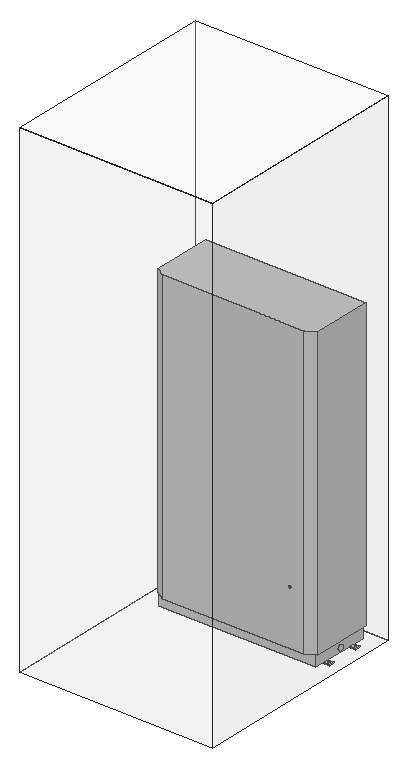
Revit family "pf-rp224_280ea5_50Hz", category 機械設備, Revit 2019
Family settings
  丸型コネクタ寸法 = 直径を使用
  パーツ タイプ = 標準
  OmniClass 番号 = 23.75.10.24.21.27.27
  OmniClass タイトル = Split System Air Conditioning Units
  作業面ベース = いいえ
  常に垂直 = はい
  ロード時にボイドで切り取り = いいえ
  共有 = いいえ
  部屋計算ポイント = いいえ
Parameters (values of type "PF-RP224EA5_50Hz")
  騒音レベル（静）(dB) = 65
  騒音レベル（強）(dB) = 68
  騒音レベル（弱）(dB) = 66
  騒音レベル（中）(dB) = 67
  風量（静）（m3／min） = 42
  風量（弱）（m3／min） = 46
  風量（中）（m3／min） = 49
  風量（m3／min） = 53
  風量 = MAX風量  # 3180.0 m³/h
  音響パワーレベル(dB) = 68
  電源種別 = ""
  電圧_電気ヒーター = 0 V
  電圧 = 200 V
  電動機出力_送風機 = 0.375 kW
  電動機出力_圧縮機 = 0 kW
  運転質量 = 0.00 kg
  連動 = ""
  質量 = if(製品質量 > 運転質量, 製品質量, 運転質量) * 1.2  # 120.00 kg
  負荷分類 = 3_ファン類
  説明 = "店舗・事務所用パッケージエアコン(Mr.SLIM) 床置形"
  設計暖房能力 [instance] = 0 kW
  設計冷房能力_顕熱 [instance] = 0 kW
  設計冷房能力 [instance] = 0 kW
  設置方法 = "床置形"
  記号 [instance] = ""
  製造元 = "三菱電機株式会社"
  製品質量 = 100.00 kg
  製品出荷対象 = "国内"
  製品リリース年月 = "2025/5/12"
  製品グループ = ""
  系統 [instance] = ""
  符号 = "PAC-FRV(J)"
  積算_科目 = "1 空気調和設備"
  積算_拾い区分 [instance] = ""
  相_電気ヒーター = 1
  相 = 1
  盤記号 [instance] = ""
  発停方法 = ""
  特殊仕様 [instance] = ""
  火災停止 = ""
  消費電力_電気ヒーター = 0 kW
  消費電力_暖房 = 0.3 kW
  消費電力_加湿器 = 0 kW
  消費電力_冷房 = 0.3 kW
  消費電力 = if(消費電力_冷房 > 消費電力_暖房, 消費電力_冷房, 消費電力_暖房) + 消費電力_加湿器 + 消費電力_電気ヒーター  # 0.3 kW
  法定耐用年数 = "15"
  機械基礎質量 [instance] = 0.00 kg
  機械基礎_W = 0 mm
  機械基礎_H = 0 mm
  機械基礎_D = 0 mm
  機械基礎 [instance] = no
  機外静圧 = 0.0 Pa
  極数 = 3
  材質 [instance] = ""
  本体マテリアル = none
  有効加湿量 = 0
  暖房能力 = 22.4 kW
  形式_加湿器 = ""
  形式 = "床置（露出）立形"
  幹線記号 [instance] = ""
  始動方式 = "直入"
  呼称 = "室内機_床置（露出）立形（直吹）"
  周波数 = 50 Hz
  台数_手元リモコン [instance] = ""
  台数_冷媒分岐ユニット [instance] = ""
  参照している仕様書等のバージョン = "公共建築工事標準仕様書（機械設備工事編）平成31年度版"
  加湿給水管径 = 0.00 mm
  分類コード = "50053003123100"
  分類グループ = ""
  冷房能力 = 20 kW
  冷媒高低圧ガス管径 = 0.00 mm
  冷媒管径符号 = "Bg"
  冷媒管径 = 100.00 mm
  冷媒液管径 = 9.52 mm
  冷媒ガス管径 = 25.40 mm
  価格 = 0
  企業コード = "108420"
  付属品_フィルター = ""
  付属品 [instance] = ""
  仕様書バージョン = "Version1.0"
  モデル = "PF-RP224EA5"
  ドレン管径 = 26.00 mm
  サービススペース = yes
  コメント [instance] = ""
  Keynote = ""
  Width = 985 mm
  Version = ""
  Uniclass2015Version = "Systems v1.9"
  Uniclass2015Title = "Split coil remote air cooled condensing units"
  Uniclass2015Code = "Pr_70_65_03_84"
  URL = "https://www.mitsubishielectric.co.jp/ldg/wink/qr/002/338248/"
  S寸法 = 50 mm
  SpecificationReference = ""
  SpecificationDescription = ""
  Revision = ""
  ProductInformation = ""
  OmniClassCode = "23-33 17 13 11"
  MIN風量2 = 風量（静）（m3／min） * 60.0 m³/h  # 2520.0 m³/h
  MIN風量 = 風量（弱）（m3／min） * 60.0 m³/h  # 2760.0 m³/h
  MID風量 = 風量（中）（m3／min） * 60.0 m³/h  # 2940.0 m³/h
  MAX風量 = 風量（m3／min） * 60.0 m³/h  # 3180.0 m³/h
  IfcTypeProduct = ""
  IfcProduct = ""
  IfcExportType = "AIRCONDITIONINGUNIT"
  IfcExportAs = "IfcUnitaryEquipmentType"
  Height = 1850 mm
  Depth = 400 mm
  Clearance Top = 300 mm
  Clearance Right = 100 mm
  Clearance Left = 100 mm
  Clearance Front = 900 mm
  Clearance Back = 50 mm
  COP = 0
  Author = "三菱電機株式会社"
  APF = 0
Types (2, lengths in mm): name | 騒音レベル（静）(dB) | 騒音レベル（強）(dB) | 騒音レベル（弱）(dB) | 騒音レベル（中）(dB) | 風量（静）（m3／min） | 風量（弱）（m3／min） | 風量（中）（m3／min） | 風量（m3／min） | 風量 | 音響パワーレベル(dB) | 質量 | 製品質量 | 消費電力_暖房 | 消費電力_冷房 | 消費電力 | 暖房能力 | 冷房能力 | 冷媒管径符号 | 冷媒液管径 | モデル | Width | URL | MIN風量2 | MIN風量 | MID風量 | MAX風量
  PF-RP280EA5_50Hz | 68 | 72 | 69 | 70 | 55 | 61 | 67 | 73 | 4380.0 m³/h | 72 | 133.20 kg | 111.00 kg | 0.5 kW | 0.5 kW | 0.5 kW | 28 kW | 25 kW | "Cg" | 12.70 | "PF-RP280EA5" | 1200 | "https://www.mitsubishielectric.co.jp/ldg/wink/qr/002/338249/" | 3300.0 m³/h | 3660.0 m³/h | 4020.0 m³/h | 4380.0 m³/h
  PF-RP224EA5_50Hz | 65 | 68 | 66 | 67 | 42 | 46 | 49 | 53 | 3180.0 m³/h | 68 | 120.00 kg | 100.00 kg | 0.3 kW | 0.3 kW | 0.3 kW | 22.4 kW | 20 kW | "Bg" | 9.52 | "PF-RP224EA5" | 985 | "https://www.mitsubishielectric.co.jp/ldg/wink/qr/002/338248/" | 2520.0 m³/h | 2760.0 m³/h | 2940.0 m³/h | 3180.0 m³/h
Reference planes
  plane 1: z = 0
  plane 2 "上": z = 1820
  plane 3: z = 1850
  plane 4: z = 0
  plane 5: z = 2150
  plane 6 "中心(左/右)": x = 0
  plane 7 "左": x = -492.5
  plane 8 "右": x = 492.5
  plane 9 "正面": y = -400
  plane 10 "背面": y = 0
  plane 11: y = -525
  plane 12: y = 50
  plane 13: x = -542.5
  plane 14: y = -450
  plane 15: y = 50
  plane 16: y = -1300
  plane 17: x = -592.5
  plane 18: x = 592.5
  plane 19: x = 542.5
  plane 20: y = -200
Lines and regions (mm)
  Masking region 1, detail levels coarse+medium
    outline origin (0, -255, 0) x (1, 0, 0) y (0, 1, 0)
      loop
        line (-492.5, -145) -> (492.5, -145) -> (492.5, 255) -> (-492.5, 255) -> (-492.5, -145)
Dimensions and locks
  locked: plane 3 to plane 2 "上" at 30
  "Height": plane 3 to plane 4
  "Clearance Top": plane 5 to plane 3
  "機械基礎_H": plane 4 to plane 1
  equal spacing: plane 7 "左", plane 6 "中心(左/右)", plane 8 "右"
  "Width": plane 7 "左" to plane 8 "右"
  plane 9 "正面" to plane 10 "背面" = 400 mm
  "Depth": plane 9 "正面" to plane 10 "背面"
  "S寸法": plane 10 "背面" to plane 12
  "S寸法": plane 14 to plane 9 "正面"
  "S寸法": plane 13 to plane 7 "左"
  "Clearance Left": plane 17 to plane 7 "左"
  "Clearance Right": plane 8 "右" to plane 18
  "Clearance Front": plane 16 to plane 9 "正面"
  "Clearance Back": plane 10 "背面" to plane 15
  "S寸法": plane 8 "右" to plane 19
  equal spacing: plane 9 "正面", plane 20, plane 10 "背面"
  aligned and locked: level to plane 1
  aligned and locked: plane 18 to nested 1
  aligned and locked: plane 16 to nested 1
  aligned and locked: nested 1 to plane 17
  aligned and locked: nested 1 to plane 15
  aligned and locked: plane 6 "中心(左/右)" to nested 2
  aligned and locked: plane 20 to nested 2
Automatic sketch dimensions
  Masking region 1 sketch curve to plane 7 "左" = 0 mm
  Masking region 1 sketch curve to plane 8 "右" = 0 mm
  plane 9 "正面" to Masking region 1 sketch curve = 0 mm
  plane 10 "背面" to Masking region 1 sketch curve = 0 mm
Nested families
  nested 1: "サービススペース(PF-RP-EA)" at (0, -625, 1500), visible <- "サービススペース", type "サービススペース(PF-RP-EA)"
    with Width 1185 mm, Height 3000 mm, Depth 1350 mm
  nested 2: "PF-RP-EA" at (0, -200, 0), ①奥行き <- "Depth", ①幅 <- "Width", ①高さ <- "Height", 配管径 <- "冷媒管径", type "PF-RP-EA"
    with 配管径 100 mm, 液W 130 mm, 液H 242 mm, 液D 118 mm, 吊りボルトW 1017 mm, 吊りボルトD 200 mm, ドレン径 30 mm, ドレンW 0 mm, ドレンH 33 mm, ドレンD 190 mm, ガスW 55 mm, ガスH 193 mm, ガスD 118 mm, ①高さ 1850 mm, ①幅 985 mm, ①奥行き 400 mm
Connectors
  piping at (-335, -282, 193), diameter 100, driven by "冷媒管径", driven by "冷媒管径符号"
    settings: on nested 2, index 1, connector inside diameter 609.60 mm, connector length 0 mm, flow factor 0, pipe flow 0.0 L/s, pressure drop 0.0 Pa, fitting loss kfactor 0, connector angle 0.00°, fixture units 0, engagement length 0 mm, angle of deflection 0.00°, flow configuration 1, flow direction 1, fitting loss method 4, system type 7, joint type 0, gender type 0, connector reference index -1, connector utility 0, adjustable connector no, is connector primary yes, connector description "Bg"
  piping at (492.5, -190, 33), diameter 26, driven by "ドレン管径"
    settings: on nested 2, index 2, connector inside diameter 609.60 mm, connector length 0 mm, flow factor 0, pipe flow 0.0 L/s, pressure drop 0.0 Pa, fitting loss kfactor 0, connector angle 0.00°, fixture units 0, engagement length 0 mm, angle of deflection 0.00°, flow configuration 1, flow direction 2, fitting loss method 4, system type 16, joint type 0, gender type 0, connector reference index -1, connector utility 0, adjustable connector no, is connector primary no, connector description ""
  piping at (-492.5, -190, 33), diameter 26, driven by "ドレン管径"
    settings: on nested 2, index 3, connector inside diameter 609.60 mm, connector length 0 mm, flow factor 0, pipe flow 0.0 L/s, pressure drop 0.0 Pa, fitting loss kfactor 0, connector angle 0.00°, fixture units 0, engagement length 0 mm, angle of deflection 0.00°, flow configuration 1, flow direction 2, fitting loss method 4, system type 16, joint type 0, gender type 0, connector reference index -1, connector utility 0, adjustable connector no, is connector primary no, connector description ""
  electrical at (346.555, -400, 408.118), driven by "極数", driven by "負荷分類", driven by "電圧", driven by "消費電力"
    settings: on nested 2, index 4, voltage 200 V, apparent load 300 VA, apparent load phase1 0 VA, apparent load phase2 0 VA, apparent load phase3 0 VA, power factor 1, load classification "3_ファン類", number of poles 3, system type 30, power factor state 1, is connector primary yes, connector utility no, sub classification motor no, connector description ""
Definition of nested family "サービススペース(PF-RP-EA)"
  Parameters (values of type "サービススペース")
    Width [instance] = 500 mm
    Height [instance] = 500 mm
    Depth [instance] = 500 mm
  Reference planes
    plane 1 "中心(正面/背面)": y = 0
    plane 2: z = 0
    plane 3 "中心(左/右)": x = 0
    plane 4: y = -250
    plane 5: x = 250
    plane 6: y = 250
    plane 7: x = -250
    plane 8: z = 250
    plane 9: z = -250
  Forms (mm)
    Extrusion 1, solid
      sketch origin (-638.939, 0, 72.39) x (1, 0, 0) y (0, 1, 0)
        loop
          line (388.939, 250) -> (388.939, -250) -> (888.939, -250) -> (888.939, 250) -> (388.939, 250)
      from -322.39 to 177.61
  Lines and regions (mm)
    symbolic lines
      curve 1: line (-250, 0, 250) -> (250, 0, 250)
      curve 2: line (-250, 0, -250) -> (-250, 0, 250)
      curve 3: line (250, 0, -250) -> (-250, 0, -250)
      curve 4: line (250, 0, 250) -> (250, 0, -250)
      curve 5: line (0, -250, 250) -> (0, 250, 250)
      curve 6: line (0, -250, -250) -> (0, -250, 250)
      curve 7: line (0, 250, -250) -> (0, -250, -250)
      curve 8: line (0, 250, 250) -> (0, 250, -250)
      curve 9: line (-250, 250, 0) -> (250, 250, 0)
      curve 10: line (-250, -250, 0) -> (-250, 250, 0)
      curve 11: line (250, -250, 0) -> (-250, -250, 0)
      curve 12: line (250, 250, 0) -> (250, -250, 0)
  Dimensions and locks
    equal spacing: plane 7, plane 3 "中心(左/右)", plane 5
    equal spacing: plane 4, plane 1 "中心(正面/背面)", plane 6
    "Depth": plane 4 to plane 6
    "Width": plane 7 to plane 5
    equal spacing: plane 8, plane 2, plane 9
    "Height": plane 8 to plane 9
    aligned and locked: plane 9 to curve 3
    aligned and locked: plane 7 to curve 2
    aligned and locked: curve 4 to plane 5
    aligned and locked: plane 5 to Extrusion 1
    aligned and locked: Extrusion 1 to plane 7
    aligned and locked: Extrusion 1 to plane 9
    aligned and locked: plane 8 to Extrusion 1
    aligned and locked: plane 9 to curve 7
  Automatic sketch dimensions
    plane 4 to Extrusion 1 sketch curve = 0 mm
    Extrusion 1 sketch curve to plane 7 = 0 mm
    Extrusion 1 sketch curve to plane 5 = 0 mm
    plane 6 to Extrusion 1 sketch curve = 0 mm
    curve 2 to plane 8 = 0 mm
    plane 4 to curve 11 = 0 mm
    curve 11 to plane 7 = 0 mm
    curve 11 to plane 5 = 0 mm
    plane 6 to curve 10 = 0 mm
    curve 7 to plane 4 = 0 mm
    curve 7 to plane 6 = 0 mm
    curve 6 to plane 8 = 0 mm
Definition of nested family "PF-RP-EA"
  Parameters (values of type "PF-RP-EA")
    配管径 [instance] = 100 mm
    液W [instance] = if(①幅 = 985 mm, 130 mm, 129 mm)  # 130 mm
    液H [instance] = 242 mm
    液D [instance] = 118 mm
    吊りボルトW [instance] = if(①幅 = 985 mm, 1017 mm, 1232 mm)  # 1017 mm
    吊りボルトD [instance] = 200 mm
    ドレン径 [instance] = 30 mm
    ドレンW [instance] = 0 mm
    ドレンH [instance] = 33 mm
    ドレンD [instance] = 190 mm
    ガスW [instance] = if(①幅 = 985 mm, 55 mm, 58 mm)  # 55 mm
    ガスH [instance] = 193 mm
    ガスD [instance] = 118 mm
    ①高さ [instance] = 1850 mm
    ①幅 [instance] = 985 mm
    ①奥行き [instance] = 400 mm
  Reference planes
    plane 1 "中心(正面/背面)": y = 0
    plane 2: z = 0
    plane 3 "中心(左/右)": x = 0
    plane 4: x = -492.5
    plane 5: x = 492.5
    plane 6: y = 200
    plane 7: y = -200
    plane 8: z = 1850
    plane 9: z = 1825
    plane 10: z = 1545
    plane 11: z = 1000
    plane 12: z = 915
    plane 13: z = 70
    plane 14: x = -482.5
    plane 15: x = 482.5
    plane 16: y = 190
    plane 17: y = -170
    plane 18: x = -432.5
    plane 19: x = 432.5
    plane 20: x = -362.5
    plane 21: x = -307.5
    plane 22: x = -335
    plane 23: y = -82
    plane 24: z = 193
    plane 25: z = 242
    plane 26: x = -508.5
    plane 27: x = 508.5
    plane 28: y = 100
    plane 29: y = -100
    plane 30: x = -522.5
    plane 31: x = 522.5
    plane 32: y = 115
    plane 33: y = 85
    plane 34: y = -115
    plane 35: y = -85
    plane 36: y = 10
    plane 37: z = 33
  Forms (mm)
    Extrusion 1, solid, detail levels fine
      sketch origin (0, 0, 0) x (1, 0, 0) y (0, 1, 0)
        loop
          line (-492.5, 200) -> (-492.5, -170) -> (-432.5, -200) -> (432.5, -200) -> (492.5, -170) -> (492.5, 200) -> (-492.5, 200)
      from 70 to 1850
    Extrusion 2, solid, detail levels fine
      sketch origin (0, 0, 0) x (1, 0, 0) y (0, 1, 0)
        loop
          line (-482.5, 190) -> (-482.5, -170) -> (482.5, -170) -> (482.5, 190) -> (-482.5, 190)
      from 0 to 70
    Extrusion 3, solid, detail levels fine
      sketch origin (0, 0, 0) x (1, 0, 0) y (0, 1, 0)
        loop
          circle (-335, -82) r 50
      from 193 to 242
    Extrusion 4, solid, detail levels fine
      sketch origin (0, 0, 0) x (1, 0, 0) y (0, 1, 0)
        loop
          line (-522.5, 115) -> (-522.5, 85) -> (-482.5, 85) -> (-482.5, 115) -> (-522.5, 115)
        loop
          circle (-508.5, 100) r 5
        loop
          line (522.5, 115) -> (482.5, 115) -> (482.5, 85) -> (522.5, 85) -> (522.5, 115)
        loop
          circle (508.5, 100) r 5
        loop
          line (-522.5, -85) -> (-522.5, -115) -> (-482.5, -115) -> (-482.5, -85) -> (-522.5, -85)
        loop
          circle (-508.5, -100) r 5
        loop
          line (522.5, -85) -> (482.5, -85) -> (482.5, -115) -> (522.5, -115) -> (522.5, -85)
        loop
          circle (508.5, -100) r 5
      from 0 to 5
    Extrusion 5, solid, detail levels fine
      sketch origin (0, 0, 0) x (0, 1, 0) y (0, 0, 1)
        loop
          circle (10, 33) r 15
      from 482.5 to 492.5
    Extrusion 6, solid, detail levels fine
      sketch origin (0, 0, 0) x (0, 1, 0) y (0, 0, -1)
        loop
          circle (10, -33) r 15
      from 482.5 to 492.5
    Extrusion 7, solid, detail levels fine
      sketch origin (434.716, -200, -2.741) x (-1, 0, 0) y (0, 0, -1)
        loop
          circle (88.162, -410.859) r 5
      from 0 to -2
  Dimensions and locks
    equal spacing: plane 7, plane 1 "中心(正面/背面)", plane 6
    "①奥行き": plane 7 to plane 6
    equal spacing: plane 4, plane 3 "中心(左/右)", plane 5
    "①幅": plane 4 to plane 5
    locked: plane 13 to level at 70
    locked: plane 12 to plane 13 at 845
    plane 11 to plane 12 = 85 mm
    locked: plane 10 to plane 11 at 545
    locked: plane 9 to plane 10 at 280
    locked: plane 8 to plane 9 at 25
    "①高さ": plane 8 to level
    locked: plane 4 to plane 14 at 10
    locked: plane 15 to plane 5 at 10
    locked: plane 16 to plane 6 at 10
    locked: plane 7 to plane 17 at 30
    locked: plane 4 to plane 18 at 60
    locked: plane 19 to plane 5 at 60
    locked: plane 7 to plane 23 at 118
    equal spacing: plane 20, plane 22, plane 21
    "液W": plane 4 to plane 20
    "ガスW": plane 20 to plane 21
    "ガスH": plane 24 to level
    "液H": plane 25 to level
    "吊りボルトD": plane 29 to plane 28
    "吊りボルトW": plane 26 to plane 27
    equal spacing: plane 26, plane 3 "中心(左/右)", plane 27
    locked: plane 28 to plane 6 at 100
    locked: plane 27 to plane 31 at 14
    locked: plane 30 to plane 26 at 14
    plane 34 to plane 29 to plane 35 = 15 mm locked, 15 mm locked
    plane 33 to plane 28 to plane 32 = 15 mm locked, 15 mm locked
    "ドレンD": plane 36 to plane 6
    "ドレンH": plane 37 to level
    "配管径": diameter of Extrusion 3 sketch curve
    "ドレン径": diameter of Extrusion 5 sketch curve
    "ドレン径": diameter of Extrusion 6 sketch curve
    aligned and locked: level to plane 2
    aligned and locked: plane 6 to Extrusion 1 sketch curve
    aligned and locked: Extrusion 1 sketch curve to plane 7
    aligned and locked: Extrusion 1 sketch curve to plane 5
    aligned and locked: plane 16 to Extrusion 2 sketch curve
    aligned and locked: plane 14 to Extrusion 2 sketch curve
    aligned and locked: Extrusion 2 sketch curve to plane 17
    aligned and locked: Extrusion 2 sketch curve to plane 15
    aligned and locked: plane 8 to Extrusion 1
    aligned and locked: Extrusion 1 to plane 13
    aligned and locked: plane 13 to Extrusion 2
    aligned and locked: plane 4 to Extrusion 1 sketch curve
    aligned and locked: plane 5 to Extrusion 1 sketch curve
    aligned and locked: plane 23 to Extrusion 3 sketch curve
    aligned and locked: plane 22 to Extrusion 3 sketch curve
    aligned and locked: Extrusion 3 to plane 24
    aligned and locked: plane 25 to Extrusion 3
    aligned and locked: plane 32 to Extrusion 4 sketch curve
    aligned and locked: plane 30 to Extrusion 4 sketch curve  (x2)
    aligned and locked: Extrusion 4 sketch curve to plane 33
    aligned and locked: plane 26 to Extrusion 4 sketch curve  (x2)
    aligned and locked: plane 28 to Extrusion 4 sketch curve  (x2)
    aligned and locked: plane 35 to Extrusion 4 sketch curve
    aligned and locked: Extrusion 4 sketch curve to plane 34
    aligned and locked: plane 29 to Extrusion 4 sketch curve  (x2)
    aligned and locked: plane 33 to Extrusion 4 sketch curve
    aligned and locked: Extrusion 4 sketch curve to plane 32
    aligned and locked: Extrusion 4 sketch curve to plane 35
    aligned and locked: plane 34 to Extrusion 4 sketch curve
    aligned and locked: plane 31 to Extrusion 4 sketch curve  (x2)
    aligned and locked: plane 27 to Extrusion 4 sketch curve  (x2)
    aligned and locked: Extrusion 4 sketch curve to plane 14  (x2)
    aligned and locked: Extrusion 4 sketch curve to plane 15  (x2)
    aligned and locked: plane 26 to nested 1
    aligned and locked: plane 27 to nested 1
    aligned and locked: plane 29 to nested 1
    aligned and locked: nested 1 to plane 28
    aligned and locked: plane 36 to Extrusion 5 sketch curve
    aligned and locked: plane 37 to Extrusion 5 sketch curve
    aligned and locked: plane 5 to Extrusion 5
    aligned and locked: Extrusion 5 to plane 15
    aligned and locked: Extrusion 6 to plane 4
    aligned and locked: plane 14 to Extrusion 6
    aligned and locked: plane 37 to Extrusion 6 sketch curve
    aligned and locked: plane 36 to Extrusion 6 sketch curve
  Automatic sketch dimensions
    Extrusion 1 sketch curve to plane 18 = 0 mm
    Extrusion 1 sketch curve to plane 19 = 0 mm
    plane 17 to Extrusion 1 sketch curve = 0 mm  (x2)
    Extrusion 7 sketch curve to Extrusion 1 = 85.945 mm
    Extrusion 1 to Extrusion 7 sketch curve = 338.118 mm
    radius of Extrusion 4 sketch curve = 5 mm  (x4)
    radius of Extrusion 7 sketch curve = 5 mm
  Nested families
    nested 1: "固定点" at (-508.5, -100, 0), type "固定点"
      with W 1017 mm, D 200 mm
  Definition of nested family "固定点"
    Parameters (values of type "固定点")
      中心円 = 20 mm
      W [instance] = 1000 mm
      D [instance] = 1000 mm
    Reference planes
      plane 1 "中心(正面/背面)": y = 0
      plane 2: z = 0
      plane 3 "中心(左/右)": x = 0
      plane 4: x = 1000
      plane 5: y = 1000
    Lines and regions (mm)
      symbolic lines, detail levels fine
        curve 1: circle (0, 1000, 0) r 10 normal (0, 0, 1)
        curve 2: circle (0, 0, 0) r 10 normal (0, 0, 1)
        curve 3: circle (1000, 1000, 0) r 10 normal (0, 0, 1)
        curve 4: circle (1000, 0, 0) r 10 normal (0, 0, 1)
        curve 5: line (-200, 1000, 0) -> (1200, 1000, 0)
        curve 6: line (-200, 0, 0) -> (1200, 0, 0)
        curve 7: line (0, 1200, 0) -> (0, -200, 0)
        curve 8: line (1000, 1200, 0) -> (1000, -200, 0)
    Dimensions and locks
      "W": plane 3 "中心(左/右)" to plane 4
      "D": plane 1 "中心(正面/背面)" to plane 5
      "中心円": diameter of curve 1
      "中心円": diameter of curve 2
      "中心円": diameter of curve 3
      "中心円": diameter of curve 4
      aligned and locked: level to plane 2
      aligned and locked: plane 5 to curve 1
      aligned and locked: plane 3 "中心(左/右)" to curve 1
      aligned and locked: plane 3 "中心(左/右)" to curve 2
      aligned and locked: plane 1 "中心(正面/背面)" to curve 2
      aligned and locked: plane 4 to curve 3
      aligned and locked: plane 5 to curve 3
      aligned and locked: plane 1 "中心(正面/背面)" to curve 4
      aligned and locked: plane 4 to curve 4
      aligned and locked: plane 1 "中心(正面/背面)" to curve 6
      aligned and locked: curve 7 to plane 3 "中心(左/右)"
      aligned and locked: curve 8 to plane 4
    Automatic sketch dimensions
      curve 5 to plane 5 = 0 mm
      curve 6 to plane 3 "中心(左/右)" = 200 mm
      curve 5 to plane 3 "中心(左/右)" = 200 mm
      curve 4 to curve 6 = 200 mm
      curve 3 to curve 5 = 200 mm
      plane 1 "中心(正面/背面)" to curve 8 = 200 mm
      plane 1 "中心(正面/背面)" to curve 7 = 200 mm
      curve 3 to curve 8 = 200 mm
      curve 1 to curve 7 = 200 mm
